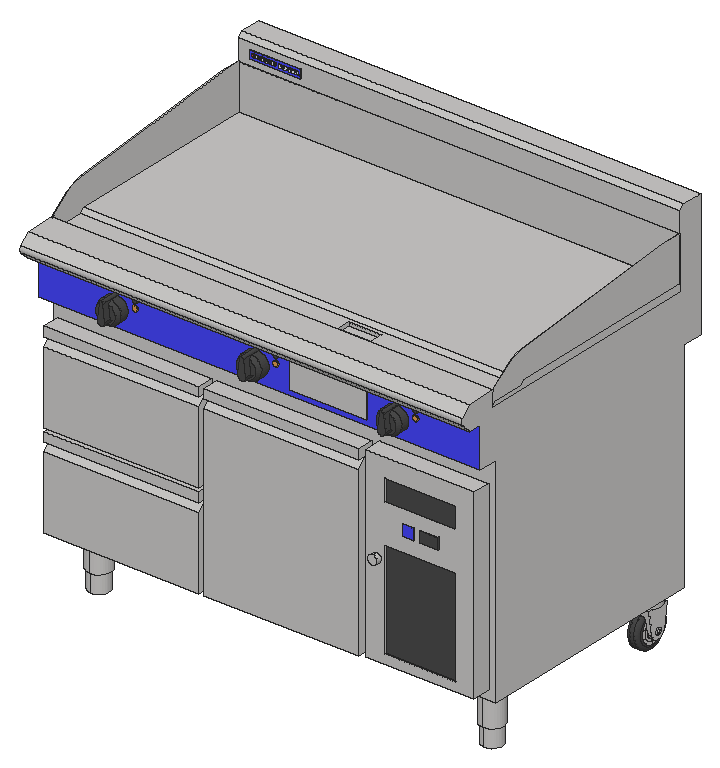
Revit family "QF_MOFFAT_BLUESEAL_CE_EP518-RB", category Specialty Equipment, Revit 2012 (continued)
Definition of nested family "ELECTRIC GRIDDLE PLATE"
  Dimensions and locks
    plane 3 "LEFT" to plane 4 "RIGHT" = 1200.0 mm
    equal spacing: plane 5 "FRONT", plane 8 "Center X", plane 1 "BACK"
    plane 5 "FRONT" to plane 1 "BACK" = 635.0 mm
    aligned and locked: level to plane 2
    aligned and locked: cut or joined group of Extrusion 3, Extrusion 4 to plane 4 "RIGHT"
    aligned and locked: Extrusion 5 to plane 4 "RIGHT"
  Automatic sketch dimensions
    plane 3 "LEFT" to curve 9 = 0.0 mm
    plane 7 "Center Y" to curve 4 = 142.75 mm
    plane 7 "Center Y" to curve 5 = 231.25 mm
    curve 3 to plane 5 "FRONT" = 44.403 mm
    curve 3 to curve 3 = 38.5 mm
    curve 2 to plane 5 "FRONT" = 93.503 mm
    curve 2 to curve 1 = 10.5 mm
    plane 1 "BACK" to curve 8 = 0.0 mm
    Extrusion 1 sketch curve to plane 5 "FRONT" = 0.0 mm
    Extrusion 1 sketch curve to plane 6 "TOP" = 0.0 mm
    Extrusion 1 sketch curve to plane 5 "FRONT" = 52.097 mm
    Extrusion 1 sketch curve to plane 6 "TOP" = 45.977 mm
    Extrusion 1 sketch curve to Extrusion 1 sketch curve = 47.773 mm
    Extrusion 1 sketch curve to level = 3.016 mm
    Extrusion 1 sketch curve to Extrusion 1 sketch curve = 9.585 mm
    plane 1 "BACK" to Extrusion 1 sketch curve = 57.045 mm
    Extrusion 1 sketch curve to plane 1 "BACK" = 0.003 mm
    level to Extrusion 1 sketch curve = 0.5 mm
    Extrusion 1 sketch curve to Extrusion 1 sketch curve = 41.5 mm
    Extrusion 3 sketch curve to plane 5 "FRONT" = 0.6 mm
    level to Extrusion 3 sketch curve = 10.0 mm
    Extrusion 3 sketch curve to Extrusion 3 sketch curve = 92.903 mm
    Extrusion 3 sketch curve to Extrusion 3 sketch curve = 10.5 mm  (x2)
    Extrusion 3 sketch curve to plane 1 "BACK" = 0.003 mm
    level to Extrusion 3 sketch curve = 0.5 mm
    Extrusion 3 to Extrusion 4 sketch curve = 10.6 mm
    Extrusion 4 sketch curve to Extrusion 4 sketch curve = 38.5 mm
    Extrusion 3 to Extrusion 4 sketch curve = 457.25 mm
    Extrusion 4 sketch curve to Extrusion 4 sketch curve = 88.5 mm
    Extrusion 5 sketch curve to plane 6 "TOP" = 0.0 mm
    level to Extrusion 5 sketch curve = 20.5 mm
    plane 3 "LEFT" to Extrusion 5 sketch curve = 1.8 mm
    plane 7 "Center Y" to Extrusion 5 sketch curve = 600.0 mm
    plane 5 "FRONT" to curve 9 = 0.0 mm
    Extrusion 2 sketch curve to plane 6 "TOP" = 0.0 mm
    Extrusion 2 sketch curve to plane 5 "FRONT" = 0.0 mm
    Extrusion 2 sketch curve to plane 5 "FRONT" = 52.097 mm
    Extrusion 2 sketch curve to Extrusion 2 sketch curve = 47.773 mm
    Extrusion 2 sketch curve to level = 3.016 mm
    Extrusion 2 sketch curve to Extrusion 2 sketch curve = 57.358 mm
    plane 1 "BACK" to Extrusion 2 sketch curve = 57.045 mm
    Extrusion 2 sketch curve to plane 1 "BACK" = 0.003 mm
    level to Extrusion 2 sketch curve = 0.5 mm
    Extrusion 2 sketch curve to Extrusion 2 sketch curve = 41.5 mm
    Extrusion 2 sketch curve to plane 6 "TOP" = 63.601 mm
    curve 10 to plane 4 "RIGHT" = 0.0 mm
Definition of nested family "ELECTRICAL CONNECTION 2"
  Parameters (values of type "ELECTRICAL CONNECTION 2")
    Weight in Pounds = 0
    Watts = if(Phase = 3, Volts * FL Amps * 1.73, Volts * FL Amps)  # 414 W
    Volts = 230 V
    URL Cutsheet = ""
    Type Mark [instance] = ""
    Status [instance] = ""
    Specification by User [instance] = ""
    Specification by Manufacturer = ""
    Serial Number = ""
    Seismic Rating = ""
    SMACNA No = ""
    Revision Code [instance] = ""
    Phase = 1
    Omniclass Number and Title = ""
    Number of Poles [instance] = 1
    NAFEM Spec ID Number = ""
    Min Ckt Ampacity = 0 A
    Max Overcurrent Protection = 0 A
    Masterspec = ""
    Item Number [instance] = ""
    Installed By [instance] = ""
    Identify Quantity as Lot [instance] = yes
    HP = ""
    Furnished By [instance] = ""
    Foodservice Equipment Identifier [instance] = yes
    FL Amps = 1.8 A
    Electrical Remarks [instance] = ""
    Electric Connection Type [instance] = ""
    Elec Conn RI Height [instance] = 0.0 mm
    Elec Conn Connection Height [instance] = 0.0 mm
    Cycle = 50 Hz
    Conn Plug = ""
    Conn Conduit = yes
    CSI MasterFormat = ""
    CSI Master Format = ""
    Apparent Power = if(Phase = 3, Volts * FL Amps * 1.73, Volts * FL Amps)  # 414 VA
  Reference planes
    plane 1 "BACK": y = 0
    plane 2: z = 0
    plane 3 "LEFT": x = 0
    plane 4 "RIGHT": x = 25.4
    plane 5 "FRONT": y = -25.4
    plane 6 "TOP": z = 25.4
    plane 7 "Center Y": x = 12.7
    plane 8 "Center X": y = -12.7
  Forms (mm)
    Extrusion 1, solid, material "QF_Finishes_Stainless Steel"
      sketch origin (0, 0, 0) x (1, 0, 0) y (0, 1, 0)
        loop
          line (0, 0) -> (0, -25.4) -> (25.4, -25.4) -> (25.4, 0) -> (0, 0)
      from 0 to 25.4
  Dimensions and locks
    equal spacing: plane 3 "LEFT", plane 7 "Center Y", plane 4 "RIGHT"
    plane 3 "LEFT" to plane 4 "RIGHT" = 25.4 mm
    equal spacing: plane 5 "FRONT", plane 8 "Center X", plane 1 "BACK"
    plane 5 "FRONT" to plane 1 "BACK" = 25.4 mm
    aligned and locked: level to plane 2
  Automatic sketch dimensions
    Extrusion 1 sketch curve to plane 3 "LEFT" = 0.0 mm
    Extrusion 1 sketch curve to plane 4 "RIGHT" = 0.0 mm
    plane 5 "FRONT" to Extrusion 1 sketch curve = 0.0 mm
    plane 1 "BACK" to Extrusion 1 sketch curve = 0.0 mm
